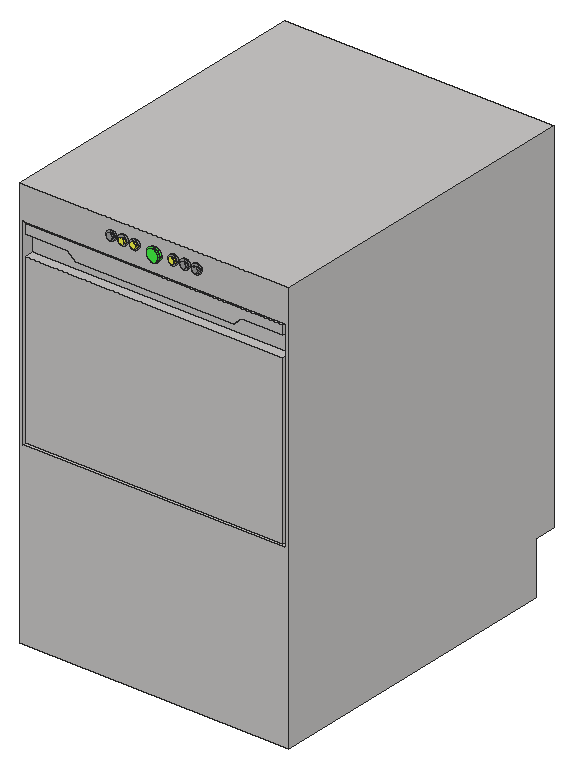
Revit family "QF_ELECTROLUXPROFESSIONAL_402229_ESDICGTL", category Specialty Equipment, Revit 2018
Family settings
  Round Connector Dimension = Use Diameter
  Part Type = Normal
  Work Plane-Based = No
  Always vertical = Yes
  Cut with Voids When Loaded = No
  Shared = No
  Room Calculation Point = No
Parameters
  Weight = 37.00 kg
  Watts = 0 W
  Volts = 0 V
  URL Manufacturer = ""
  URL = "http://professional.electrolux.com/"
  Steam Supply Size = 0 mm
  Steam Supply Minimum Pressure = 0.0 Pa
  Steam Supply Maximum Pressure = 0.0 Pa
  Steam Pounds per Hour = 0
  Show Logo [instance] = yes
  Show Clearance [instance] = yes
  Refrigeration Suction Line Size = 0 mm
  Refrigeration Liquid Line Size = 0 mm
  Refrigerant Compressor Remote = yes
  Manufacturer = ""
  Phase = 0
  Model = ""
  Length Actual = 460 mm  # constant formula
  Item Number = ""
  Hot Water Size = 0 mm
  Height Actual = 715 mm  # constant formula
  HP = "4.4 HP"
  Gas Size = 0 mm
  Gas KW = 0
  Gas Input Pressure = 0 W
  Direct Waste Size = 27 mm
  Description = ""
  Depth Actual = 565 mm  # constant formula
  Cycle = 0 Hz
  Condensate Return Size = 0 mm
  Compressed Air Volume = 0.0 L/s
  Compressed Air Size = 0 mm
  Compressed Air Pressure = 0.0 Pa
  Cold Water Size = 0 mm
  Accessory = yes
Types (2, lengths in mm): name | Volts | URL Manufacturer | URL | Manufacturer | Phase | Model | Item Number | Description | Cycle | Cold Water Size
  (no name) | 0 V | "" | "http://professional.electrolux.com/" | "" | 0 | "" | "" | "" | 0 Hz | 0
  Standard | 220 V | "http://professional.electrolux.com" | "http://professional.electrolux.com" | "Electrolux Professional" | 1 | "ESDICGTL" | "402229" | "GLASSWASHER(S) INS. DOUBLE SKIN, COLD RINSE, DP, DD, 30B/H - THERMAL LABEL" | 50 Hz | 19.05
Reference planes
  plane 1 "Center (Front/Back)": y = 0
  plane 2: z = 0
  plane 3 "Center (Left/Right)": x = 0
  plane 4 "LEFT": x = -230
  plane 5 "RIGHT": x = 230
  plane 6 "FRONT": y = -282.5
  plane 7 "BACK": y = 282.5
  plane 8: x = -202.5
  plane 9: x = 202.5
  plane 10: z = 715
  plane 11: z = 10
Forms (mm)
  Extrusion 1, solid, material "QF_Finishes_Stainless Steel"
    sketch origin (0, 0, 0) x (1, 0, 0) y (0, 1, 0)
      loop
        line (-230, -282.5) -> (230, -282.5) -> (230, 243.5) -> (-230, 243.5) -> (-230, -282.5)
    from 10 to 715
  Extrusion 2, solid, material "QF_Finishes_Stainless Steel"
    sketch origin (0, 0, 0) x (1, 0, 0) y (0, 1, 0)
      loop
        line (-230, 243.5) -> (230, 243.5) -> (230, 282.5) -> (-230, 282.5) -> (-230, 243.5)
    from 100 to 715
  Extrusion 3, solid, material "QF_Finishes_Stainless Steel"
    sketch origin (0, 0, 0) x (1, 0, 0) y (0, 1, 0)
      loop
        circle (-202.5, 184.5) r 12.5
      loop
        circle (202.5, 184.5) r 12.5
      loop
        circle (-202.5, -235.5) r 12.5
      loop
        circle (202.5, -235.5) r 12.5
    from 0 to 10
  Extrusion 4, void
    sketch origin (-230, -282.5, 0) x (-1, 0, 0) y (0, 0, 1)
      loop
        line (-5, 658.217) -> (-455, 658.217) -> (-455, 315) -> (-5, 315) -> (-5, 658.217)
    from 0 to 30
  Extrusion 5, solid, material "QF_Finishes_Stainless Steel"
    sketch origin (-53, -392, 738) x (0, 0, -1) y (1, 0, 0)
      loop
        circle (693, 213) r 10
    from -635.5 to -674.5
  Extrusion 6, solid, material "QF_Door-Drawer Clearances", visible <- "Show Clearance", detail levels coarse
    sketch origin (-230, -282.5, 0) x (0, 1, 0) y (0, 0, -1)
      loop
        line (0, -315) -> (-315, -315)
        arc (-315, -315) -> (-223.2, -545.869) -> (0, -655) r 344.605
        line (0, -655) -> (0, -315)
    from -10 to -450
  Extrusion 7, solid, material "QF_Finishes_Stainless Steel"
    sketch origin (-242.481, -392, 738) x (0, 0, -1) y (1, 0, 0)
      loop
        circle (663, 322.481) r 8
    from -635.5 to -674.5
  Extrusion 8, solid, material "QF_Finishes_Green"
    sketch origin (234, -282.5, -28.75) x (-1, 0, 0) y (0, 0, -1)
      loop
        circle (234, -714.569) r 10
    from 0 to 5
  Extrusion 9, solid, material "QF_Finishes_Gray"
    sketch origin (234, -282.5, -24.375) x (-1, 0, 0) y (0, 0, -1)
      loop
        circle (306.936, -713.972) r 5
    from 0 to 5
  Extrusion 10, solid, material "QF_Finishes_Stainless Steel"
    sketch origin (-230, -282.5, 0) x (0, 1, 0) y (0, 0, -1)
      loop
        line (0, -319.622) -> (0, -605) -> (15, -605) -> (15, -655) -> (25, -655) -> (25, -319.622) -> (0, -319.622)
    from -10 to -450
  Extrusion 11, solid, material "QF_Finishes_Stainless Steel"
    sketch origin (-230, -282.5, 0) x (0, 1, 0) y (0, 0, -1)
      loop
        line (15, -655) -> (15, -652.514) -> (2.5, -652.514) -> (2.5, -626.25) -> (0, -626.25) -> (0, -655) -> (15, -655)
    from -10 to -450
  Extrusion 12, void
    sketch origin (-230, -282.5, 655) x (0, 0, 1) y (1, 0, 0)
      loop
        line (-15.552, 10) -> (-15.552, 81.607) -> (-28.75, 94.804) -> (-28.75, 10) -> (-15.552, 10)
      loop
        line (-15.552, 450) -> (-28.75, 450) -> (-28.75, 365.196) -> (-15.552, 378.393) -> (-15.552, 450)
    from 0 to 2.5
  Extrusion 13, solid, material "QF_Finishes_Stainless Steel"
    sketch origin (-328, -392, 738) x (0, 0, -1) y (1, 0, 0)
      loop
        circle (663, 228) r 8
    from -635.5 to -674.5
  Extrusion 14, solid, material "QF_Finishes_Green"
    sketch origin (-230, -282.5, 0) x (1, 0, 0) y (0, 0, 1)
      loop
        circle (230, 685.819) r 12
      loop
        circle (230, 685.819) r 10
    from 0 to 2.5
  Extrusion 15, solid, material "QF_Finishes_Gray"
    sketch origin (-210, -282.5, -28.75) x (1, 0, 0) y (0, 0, 1)
      loop
        circle (262.936, 718.347) r 8
      loop
        circle (262.936, 718.347) r 5
      loop
        circle (242.936, 718.347) r 8
      loop
        circle (242.936, 718.347) r 5
      loop
        circle (282.936, 718.347) r 8
      loop
        circle (282.936, 718.347) r 5
    from 0 to 2.5
  Extrusion 16, solid, material "QF_Finishes_Gray"
    sketch origin (-234, -282.5, -24.375) x (1, 0, 0) y (0, 0, 1)
      loop
        circle (286.936, 713.972) r 5
      loop
        circle (306.936, 713.972) r 5
    from 0 to 5
  Extrusion 17, solid, material "QF_Finishes_Gray"
    sketch origin (210, -282.5, -28.75) x (-1, 0, 0) y (0, 0, -1)
      loop
        circle (262.936, -718.347) r 8
      loop
        circle (262.936, -718.347) r 5
      loop
        circle (242.936, -718.347) r 8
      loop
        circle (242.936, -718.347) r 5
      loop
        circle (282.936, -718.347) r 8
      loop
        circle (282.936, -718.347) r 5
    from 0 to 2.5
  Extrusion 18, solid, material "QF_Finishes_Yellow"
    sketch origin (254, -282.5, -24.375) x (-1, 0, 0) y (0, 0, -1)
      loop
        circle (306.936, -713.972) r 5
    from 0 to 5
  Extrusion 19, solid, material "QF_Finishes_Yellow"
    sketch origin (274, -282.5, -24.375) x (-1, 0, 0) y (0, 0, -1)
      loop
        circle (306.936, -713.972) r 5
    from 0 to 5
  Extrusion 20, solid, material "QF_Finishes_Yellow"
    sketch origin (339.871, -282.5, -24.375) x (-1, 0, 0) y (0, 0, -1)
      loop
        circle (306.936, -713.972) r 5
    from 0 to 5
Cuts and joins
  Extrusion 4 cuts Extrusion 1
  joined: Extrusion 1, Extrusion 2
  Extrusion 12 cuts Extrusion 10
  Extrusion 12 cuts Extrusion 11
Lines and regions (mm)
  Split face 1
    outline origin (-230, -282.5, 715) x (0, 0, -1) y (1, 0, 0)
      loop
        line (35, 0) -> (35, 60) -> (49.142, 74.142) -> (49.142, 214.142) -> (11.456, 214.142)
        arc (11.456, 214.142) -> (9.82, 214.82) -> (9.142, 216.456) r 2.314
        line (9.142, 216.456) -> (9.142, 230) -> (9.142, 243.544)
        arc (9.142, 243.544) -> (9.82, 245.18) -> (11.456, 245.858) r 2.314
        line (11.456, 245.858) -> (49.142, 245.858) -> (49.142, 385.858) -> (35, 400) -> (35, 460)
      loop
        line (56.783, 5) -> (56.783, 0)
      loop
        line (56.783, 455) -> (56.783, 460)
  symbolic lines
    curve 1: line (-230, 282.5, 0) -> (230, 282.5, 0)
    curve 2: line (-230, -282.5, 0) -> (-230, 282.5, 0)
    curve 3: line (230, -282.5, 0) -> (-230, -282.5, 0)
    curve 4: line (230, 282.5, 0) -> (230, -282.5, 0)
    curve 9: line (-80.94, -285, 0) -> (-80.94, -282.5, 0)
    curve 10: line (-64.948, -285, 0) -> (-64.948, -282.5, 0)
    curve 11: line (-77.926, -287.5, 0) -> (-67.936, -287.5, 0)
    curve 12: line (-67.936, -287.5, 0) -> (-67.936, -285, 0)
    curve 13: line (-77.926, -287.5, 0) -> (-77.926, -285, 0)
    curve 14: line (-60.936, -285, 0) -> (-44.936, -285, 0)
    curve 15: line (-44.936, -285, 0) -> (-44.936, -282.5, 0)
    curve 16: line (-60.936, -285, 0) -> (-60.936, -282.5, 0)
    curve 17: line (-57.936, -287.5, 0) -> (-47.936, -287.5, 0)
    curve 18: line (-47.936, -287.5, 0) -> (-47.936, -285, 0)
    curve 19: line (-57.936, -287.5, 0) -> (-57.936, -285, 0)
    curve 20: line (-40.936, -285, 0) -> (-24.936, -285, 0)
    curve 21: line (-24.936, -285, 0) -> (-24.936, -282.5, 0)
    curve 22: line (-40.936, -285, 0) -> (-40.936, -282.5, 0)
    curve 23: line (-37.936, -287.5, 0) -> (-27.936, -287.5, 0)
    curve 24: line (-27.936, -287.5, 0) -> (-27.936, -285, 0)
    curve 25: line (-37.936, -287.5, 0) -> (-37.936, -285, 0)
    curve 26: line (24.936, -285, 0) -> (40.936, -285, 0)
    curve 27: line (40.936, -285, 0) -> (40.936, -282.5, 0)
    curve 28: line (27.936, -287.5, 0) -> (37.936, -287.5, 0)
    curve 29: line (37.936, -287.5, 0) -> (37.936, -285, 0)
    curve 30: line (27.936, -287.5, 0) -> (27.936, -285, 0)
    curve 31: line (24.936, -285, 0) -> (24.936, -282.5, 0)
    curve 32: line (-12, -285, 0) -> (12, -285, 0)
    curve 33: line (12, -285, 0) -> (12, -282.5, 0)
    curve 34: line (-12, -285, 0) -> (-12, -282.5, 0)
    curve 35: line (-10, -287.5, 0) -> (10, -287.5, 0)
    curve 36: line (10, -287.5, 0) -> (10, -285, 0)
    curve 37: line (-10, -287.5, 0) -> (-10, -285, 0)
    curve 39: line (44.936, -285, 0) -> (60.936, -285, 0)
    curve 40: line (60.936, -285, 0) -> (60.936, -282.5, 0)
    curve 41: line (47.936, -287.5, 0) -> (57.936, -287.5, 0)
    curve 42: line (57.936, -287.5, 0) -> (57.936, -285, 0)
    curve 43: line (47.936, -287.5, 0) -> (47.936, -285, 0)
    curve 44: line (44.936, -285, 0) -> (44.936, -282.5, 0)
    curve 45: line (64.936, -285, 0) -> (80.936, -285, 0)
    curve 46: line (80.936, -285, 0) -> (80.936, -282.5, 0)
    curve 47: line (67.936, -287.5, 0) -> (77.936, -287.5, 0)
    curve 48: line (77.936, -287.5, 0) -> (77.936, -285, 0)
    curve 49: line (67.936, -287.5, 0) -> (67.936, -285, 0)
    curve 50: line (64.936, -285, 0) -> (64.936, -282.5, 0)
  symbolic lines, style "QF_Door-Drawer Clearances"
    curve 5: line (-220, -597.5, 0) -> (220, -597.5, 0)
    curve 6: line (220, -597.5, 0) -> (220, -282.5, 0)
    curve 7: line (-220, -597.5, 0) -> (-220, -282.5, 0)
  symbolic lines, style "SpecialityEquipment"
    curve 8: line (-80.94, -285, 0) -> (-64.948, -285, 0)
  symbolic lines, style "SpecialityEquipmentHiddenLines"
    curve 38: line (-230, 243.5, 0) -> (230, 243.5, 0)
Dimensions and locks
  equal spacing: plane 4 "LEFT", plane 3 "Center (Left/Right)", plane 5 "RIGHT"
  equal spacing: plane 7 "BACK", plane 1 "Center (Front/Back)", plane 6 "FRONT"
  plane 7 "BACK" to plane 6 "FRONT" = 565 mm
  plane 4 "LEFT" to plane 5 "RIGHT" = 460 mm
  plane 4 "LEFT" to plane 8 = 27.5 mm
  plane 9 to plane 5 "RIGHT" = 27.5 mm
  locked: plane 11 to level at 10
  plane 4 "LEFT" to plane 3 "Center (Left/Right)" = 230 mm
  plane 10 to level = 715 mm  (x2)
  plane 8 to plane 9 = 405 mm
  level to Extrusion 13 sketch curve = 75 mm
  Extrusion 13 sketch curve to plane 4 "LEFT" = 130 mm
  level to Extrusion 5 sketch curve = 45 mm
  Extrusion 5 sketch curve to plane 4 "LEFT" = 390 mm
  Extrusion 7 sketch curve to plane 4 "LEFT" = 310 mm
  level to Extrusion 7 sketch curve = 75 mm
  locked: Extrusion 3 to cut or joined group of Extrusion 1, Extrusion 2, Extrusion 4 at 98
  Extrusion 3 to Extrusion 3 = 420 mm
  locked: plane 6 "FRONT" to Extrusion 3 at 47
  plane 9 to plane 8 = 405 mm
  plane 7 "BACK" to curve 5 = 880 mm
  cut or joined group of Extrusion 10, Extrusion 12 to cut or joined group of Extrusion 1, Extrusion 2, Extrusion 4 = 290 mm
  aligned and locked: level to plane 2
  aligned and locked: Extrusion 1 sketch curve to plane 6 "FRONT"
  aligned and locked: Extrusion 1 sketch curve to plane 4 "LEFT"
  aligned and locked: plane 5 "RIGHT" to Extrusion 1 sketch curve
  aligned and locked: Extrusion 1 to plane 11
  aligned and locked: Extrusion 2 sketch curve to Extrusion 1  (x2)
  aligned and locked: plane 7 "BACK" to Extrusion 2 sketch curve
  aligned and locked: plane 5 "RIGHT" to Extrusion 2 sketch curve
  aligned and locked: plane 11 to Extrusion 3
  aligned and locked: Extrusion 2 to Extrusion 5
  aligned and locked: Extrusion 2 to Extrusion 7
  aligned and locked: plane 7 "BACK" to Extrusion 7
  aligned and locked: plane 7 "BACK" to Extrusion 5
  aligned and locked: cut or joined group of Extrusion 11, Extrusion 12 to Extrusion 12
  aligned and locked: plane 10 to Extrusion 2
Automatic sketch dimensions
  curve 1 to plane 4 "LEFT" = 0 mm
  curve 7 to plane 6 "FRONT" = 0 mm
  curve 4 to plane 5 "RIGHT" = 0 mm
  curve 2 to plane 7 "BACK" = 0 mm
  plane 4 "LEFT" to curve 5 = 10 mm
  curve 8 to plane 6 "FRONT" = 2.5 mm
  curve 8 to plane 3 "Center (Left/Right)" = 80.94 mm
  curve 8 to curve 11 = 3.013 mm
  curve 11 to curve 11 = 9.991 mm
  curve 12 to curve 10 = 2.987 mm
  curve 8 to curve 16 = 4.013 mm
  curve 14 to curve 19 = 3 mm
  curve 17 to plane 6 "FRONT" = 5 mm
  curve 17 to curve 17 = 10 mm
  curve 18 to curve 14 = 3 mm
  curve 14 to curve 20 = 4 mm
  curve 20 to curve 25 = 3 mm
  curve 24 to plane 6 "FRONT" = 5 mm
  curve 23 to curve 24 = 10 mm
  curve 24 to curve 21 = 3 mm
  curve 34 to plane 6 "FRONT" = 2.5 mm
  curve 34 to plane 3 "Center (Left/Right)" = 12 mm
  curve 32 to curve 37 = 2 mm
  plane 3 "Center (Left/Right)" to curve 36 = 10 mm
  curve 36 to curve 33 = 2 mm
  curve 26 to plane 6 "FRONT" = 2.5 mm
  curve 32 to curve 26 = 12.936 mm
  curve 26 to curve 30 = 3 mm
  curve 28 to plane 6 "FRONT" = 5 mm
  curve 28 to curve 28 = 10 mm
  curve 29 to curve 27 = 3 mm
  curve 26 to curve 44 = 4 mm
  curve 39 to curve 43 = 3 mm
  curve 41 to plane 6 "FRONT" = 5 mm
  curve 41 to curve 41 = 10 mm
  curve 42 to curve 39 = 3 mm
  curve 39 to curve 50 = 4 mm
  curve 45 to curve 47 = 3 mm
  curve 47 to plane 6 "FRONT" = 5 mm
  curve 47 to curve 47 = 10 mm
  curve 48 to curve 45 = 3 mm
  curve 6 to plane 5 "RIGHT" = 10 mm
  curve 35 to curve 36 = 2.5 mm
  curve 11 to curve 13 = 2.5 mm
  curve 15 to plane 6 "FRONT" = 2.5 mm
  curve 20 to plane 6 "FRONT" = 2.5 mm
  curve 40 to plane 6 "FRONT" = 2.5 mm
  curve 45 to plane 6 "FRONT" = 2.5 mm
  curve 38 to plane 7 "BACK" = 39 mm
  Extrusion 1 sketch curve to plane 7 "BACK" = 39 mm
  Extrusion 3 sketch curve to plane 8 = 0 mm  (x2)
  Extrusion 3 sketch curve to plane 9 = 0 mm  (x2)
  plane 6 "FRONT" to Extrusion 3 sketch curve = 47 mm  (x2)
  Extrusion 3 sketch curve to plane 7 "BACK" = 98 mm  (x2)
  Extrusion 4 sketch curve to Extrusion 1 = 5 mm  (x2)
  Extrusion 4 sketch curve to Extrusion 1 = 305 mm
  Extrusion 4 sketch curve to Extrusion 1 = 56.783 mm
  Extrusion 6 sketch curve to plane 6 "FRONT" = 0 mm
  Extrusion 6 sketch curve to plane 6 "FRONT" = 315 mm
  plane 6 "FRONT" to Extrusion 6 sketch curve = 29.589 mm
  Extrusion 6 sketch curve to plane 10 = 60 mm
  plane 11 to Extrusion 6 sketch curve = 305 mm
  Extrusion 8 sketch curve to Extrusion 8 sketch curve = 0 mm  (x2)
  Extrusion 8 sketch curve to plane 3 "Center (Left/Right)" = 0 mm
  Extrusion 8 sketch curve to plane 10 = 29.181 mm
  plane 3 "Center (Left/Right)" to Extrusion 8 sketch curve = 10 mm
  Extrusion 9 sketch curve to Extrusion 9 sketch curve = 0 mm  (x2)
  Extrusion 9 sketch curve to plane 10 = 25.403 mm
  Extrusion 9 sketch curve to plane 3 "Center (Left/Right)" = 72.936 mm
  Extrusion 9 sketch curve to Extrusion 9 sketch curve = 5 mm
  Extrusion 10 sketch curve to plane 6 "FRONT" = 0 mm
  plane 6 "FRONT" to Extrusion 10 sketch curve = 15 mm
  Extrusion 10 sketch curve to Extrusion 10 sketch curve = 25 mm
  Extrusion 10 sketch curve to plane 10 = 60 mm
  Extrusion 10 sketch curve to Extrusion 10 sketch curve = 50 mm
  Extrusion 10 sketch curve to Extrusion 10 sketch curve = 285.378 mm
  Extrusion 11 sketch curve to plane 6 "FRONT" = 0 mm
  Extrusion 11 sketch curve to Extrusion 11 sketch curve = 2.5 mm
  Extrusion 11 sketch curve to Extrusion 11 sketch curve = 12.5 mm
  Extrusion 11 sketch curve to plane 10 = 60 mm
  Extrusion 11 sketch curve to Extrusion 11 sketch curve = 2.486 mm
  Extrusion 11 sketch curve to Extrusion 11 sketch curve = 26.264 mm
  Extrusion 12 sketch curve to Extrusion 11 = 0 mm  (x3)
  Extrusion 11 to Extrusion 12 sketch curve = 0 mm
  Extrusion 12 sketch curve to Extrusion 11 = 13.198 mm  (x2)
  Extrusion 12 sketch curve to Extrusion 11 = 71.607 mm
  Extrusion 12 sketch curve to Extrusion 12 sketch curve = 13.198 mm  (x2)
  Extrusion 12 sketch curve to Extrusion 11 = 84.804 mm
  Extrusion 14 sketch curve to Extrusion 14 sketch curve = 0 mm  (x2)
  Extrusion 1 to Extrusion 14 sketch curve = 29.181 mm
  Extrusion 1 to Extrusion 14 sketch curve = 230 mm
  Extrusion 15 sketch curve to Extrusion 15 sketch curve = 0 mm  (x8)
  plane 3 "Center (Left/Right)" to Extrusion 15 sketch curve = 32.936 mm
  Extrusion 15 sketch curve to Extrusion 15 sketch curve = 20 mm  (x2)
  Extrusion 15 sketch curve to plane 10 = 25.403 mm
  Extrusion 16 sketch curve to Extrusion 16 sketch curve = 0 mm  (x5)
  Extrusion 16 sketch curve to plane 10 = 25.403 mm
  plane 3 "Center (Left/Right)" to Extrusion 16 sketch curve = 52.936 mm
  Extrusion 16 sketch curve to Extrusion 16 sketch curve = 20 mm
  Extrusion 16 sketch curve to Extrusion 16 sketch curve = 5 mm  (x2)
  Split face 1 sketch curve to cut or joined group of Extrusion 1, Extrusion 2, Extrusion 4 = 0 mm  (x6)
  cut or joined group of Extrusion 1, Extrusion 2, Extrusion 4 to Split face 1 sketch curve = 0 mm  (x2)
  cut or joined group of Extrusion 1, Extrusion 2, Extrusion 4 to Split face 1 sketch curve = 7.641 mm  (x2)
  Split face 1 sketch curve to Split face 1 sketch curve = 14.142 mm  (x4)
  Split face 1 sketch curve to cut or joined group of Extrusion 1, Extrusion 2, Extrusion 4 = 11.456 mm  (x2)
  Split face 1 sketch curve to cut or joined group of Extrusion 1, Extrusion 2, Extrusion 4 = 9.142 mm
  Split face 1 sketch curve to cut or joined group of Extrusion 1, Extrusion 2, Extrusion 4 = 55 mm
  Split face 1 sketch curve to Split face 1 sketch curve = 140 mm
  Split face 1 sketch curve to Split face 1 sketch curve = 13.544 mm  (x2)
  Split face 1 sketch curve to cut or joined group of Extrusion 1, Extrusion 2, Extrusion 4 = 69.142 mm
  Extrusion 17 sketch curve to Extrusion 17 sketch curve = 0 mm  (x8)
  Extrusion 17 sketch curve to plane 3 "Center (Left/Right)" = 32.936 mm
  Extrusion 17 sketch curve to Extrusion 17 sketch curve = 20 mm  (x2)
  Extrusion 17 sketch curve to plane 10 = 25.403 mm
  Extrusion 18 sketch curve to Extrusion 18 sketch curve = 0 mm  (x2)
  Extrusion 18 sketch curve to plane 10 = 25.403 mm
  Extrusion 18 sketch curve to plane 3 "Center (Left/Right)" = 52.936 mm
  Extrusion 18 sketch curve to Extrusion 18 sketch curve = 5 mm
  Extrusion 19 sketch curve to Extrusion 19 sketch curve = 0 mm  (x2)
  Extrusion 19 sketch curve to plane 3 "Center (Left/Right)" = 32.936 mm
  Extrusion 19 sketch curve to plane 10 = 25.403 mm
  Extrusion 19 sketch curve to Extrusion 19 sketch curve = 5 mm
  Extrusion 20 sketch curve to Extrusion 20 sketch curve = 0 mm  (x2)
  plane 3 "Center (Left/Right)" to Extrusion 20 sketch curve = 32.936 mm
  Extrusion 20 sketch curve to plane 10 = 25.403 mm
  Extrusion 20 sketch curve to Extrusion 20 sketch curve = 5 mm
  radius of Extrusion 5 sketch curve = 10 mm
  radius of Extrusion 7 sketch curve = 8 mm
  radius of Extrusion 13 sketch curve = 8 mm
  radius of Extrusion 3 sketch curve = 12.5 mm  (x4)
  radius of Extrusion 14 sketch curve = 12 mm
  radius of Extrusion 14 sketch curve = 10 mm
  radius of Extrusion 15 sketch curve = 8 mm  (x3)
  radius of Extrusion 15 sketch curve = 5 mm  (x3)
  radius of Extrusion 17 sketch curve = 8 mm  (x3)
  radius of Extrusion 17 sketch curve = 5 mm  (x3)
Connectors
  piping at (160, 282.5, 45), diameter 20
    settings: on Extrusion 5, index 1, connector inside diameter 609.6 mm, connector length 0 mm, flow factor 0, pipe flow 0.0 L/s, pressure drop 0.0 Pa, fitting loss kfactor 0, connector angle 0.00°, fixture units 0, engagement length 0 mm, angle of deflection 0.00°, flow configuration 1, flow direction 1, fitting loss method 0, system type 16, joint type 0, gender type 0, connector reference index -1, connector utility 0, adjustable connector no, is connector primary yes, connector description "Drain"
  piping at (80, 282.5, 75), driven by "Cold Water Size"
    settings: on Extrusion 7, index 3, connector diameter 0 mm, connector inside diameter 609.6 mm, connector length 0 mm, flow factor 0, pipe flow 0.0 L/s, pressure drop 0.0 Pa, fitting loss kfactor 0, connector angle 0.00°, fixture units 0, engagement length 0 mm, angle of deflection 0.00°, flow configuration 1, flow direction 1, fitting loss method 0, system type 20, joint type 0, gender type 0, connector reference index -1, connector utility 0, adjustable connector no, is connector primary no, connector description "Cold Water Inlet"
  electrical at (-100, 282.5, 75), driven by "Volts"
    settings: on Extrusion 13, index 4, voltage 0 V, apparent load 0 VA, apparent load phase1 0 VA, apparent load phase2 0 VA, apparent load phase3 0 VA, power factor 1, load classification "Altro", number of poles 1, system type 31, power factor state 1, is connector primary yes, connector utility no, sub classification motor no, connector description "Electrical Connection"
